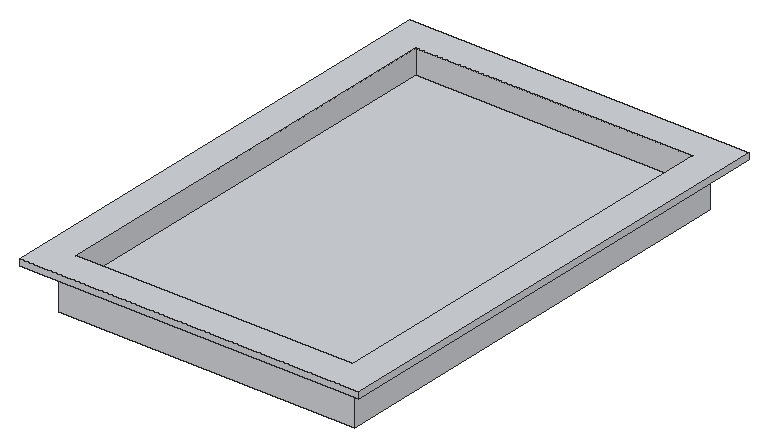
Revit family "edbbb4ba3221447faa78dce64a7daee1", category Air Terminals, host Face, Revit 2021
Family settings
  Host = Face
  Round Connector Dimension = Use Diameter
  Part Type = Normal
  OmniClass Number = 23.75.70.21.27.11
  OmniClass Title = Diffusers, Registers, and Grilles
  Seek Item ID = Return Grille - Rectangular - Hosted-0000-USA-ENU
  Cut with Voids When Loaded = No
  Shared = No
  Room Calculation Point = No
Parameters (values of type "Standard")
  Duct Width [instance] = 12"
  Pressure Drop [instance] = 0.0924 in-wg
  Flow [instance] = 800 CFM
  Grille Width [instance] = Duct Width + 0' 1 3/4"  # 1' - 1 3/4"
  Grille Height [instance] = Duct Height + 0' 1 3/4"  # 1' - 7 3/4"
  NC = "20"
  Duct Height [instance] = 18"
  Half Grille Height [instance] = Grille Height / 2  # 0' - 9 7/8"
  Default Elevation = 4' - 0"
Reference planes (in)
  plane 1 "Center (Front/Back)": y = 0
  plane 2: z = 0
  plane 3 "Center (Left/Right)": x = 0
  plane 4: y = 9.875
  plane 5: y = -9.875
  plane 6: x = -6.875
  plane 7: x = 6.875
  plane 8: y = 9
  plane 9: y = -9
  plane 10: x = -6
  plane 11: x = 6
  plane 12: y = 8.625
  plane 13: y = -8.625
  plane 14: x = 5.625
  plane 15: x = -5.625
  plane 16: z = 0.25
  plane 17: z = -0.75
  plane 18: z = -1.75
Forms (in)
  Extrusion 1, solid
    sketch origin (0, 0, 0) x (1, 0, 0) y (0, 1, 0)
      loop
        line (-6.875, 9.875) -> (-6.875, -9.875) -> (6.875, -9.875) -> (6.875, 9.875) -> (-6.875, 9.875)
    from 0 to 0.25
  Extrusion 2, solid
    sketch origin (0, 0, 0) x (1, 0, 0) y (0, 1, 0)
      loop
        line (-6, 9) -> (-6, -9) -> (6, -9) -> (6, 9) -> (-6, 9)
    from 0 to -1.75
  Extrusion 3, void
    sketch origin (0, 0, 0) x (1, 0, 0) y (0, 1, 0)
      loop
        line (-5.625, 8.625) -> (-5.625, -8.625) -> (5.625, -8.625) -> (5.625, 8.625) -> (-5.625, 8.625)
    from 0.25 to -0.75
Cuts and joins
  Extrusion 3 cuts Extrusion 1
  Extrusion 3 cuts Extrusion 2
  joined: Extrusion 1, Extrusion 2
Lines and regions (in)
  symbolic lines
    curve 1: line (-6.875, 9.875, 0) -> (6.875, -9.875, 0)
Dimensions and locks (in)
  "Grille Height": plane 5 to plane 4
  equal spacing: plane 6, plane 3 "Center (Left/Right)", plane 7
  "Grille Width": plane 6 to plane 7
  equal spacing: plane 9, plane 1 "Center (Front/Back)", plane 8
  "Duct Height": plane 9 to plane 8
  equal spacing: plane 10, plane 3 "Center (Left/Right)", plane 11
  "Duct Width": plane 10 to plane 11
  locked: plane 12 to plane 4 at 1.25
  locked: plane 13 to plane 5 at 1.25
  locked: plane 14 to plane 7 at 1.25
  locked: plane 6 to plane 15 at 1.25
  locked: plane 16 to plane 2 at 0.25
  locked: plane 17 to plane 2 at 0.75
  locked: plane 18 to plane 17 at 1
  "Half Grille Height": plane 1 "Center (Front/Back)" to plane 4
  "Half Grille Height": plane 5 to plane 1 "Center (Front/Back)"
  aligned and locked: plane 2 to host face
  aligned and locked: level to host face
  aligned and locked: plane 6 to Extrusion 1 sketch curve
  aligned and locked: plane 4 to Extrusion 1 sketch curve
  aligned and locked: plane 5 to Extrusion 1 sketch curve
  aligned and locked: plane 7 to Extrusion 1 sketch curve
  aligned and locked: plane 10 to Extrusion 2 sketch curve
  aligned and locked: plane 8 to Extrusion 2 sketch curve
  aligned and locked: plane 9 to Extrusion 2 sketch curve
  aligned and locked: plane 11 to Extrusion 2 sketch curve
  aligned and locked: plane 15 to Extrusion 3 sketch curve
  aligned and locked: plane 12 to Extrusion 3 sketch curve
  aligned and locked: plane 13 to Extrusion 3 sketch curve
  aligned and locked: plane 14 to Extrusion 3 sketch curve
  aligned and locked: Extrusion 1 to plane 2
  aligned and locked: plane 16 to Extrusion 1
  aligned and locked: Extrusion 3 to plane 17
  aligned and locked: Extrusion 2 to plane 18
  aligned and locked: plane 16 to Extrusion 3
  aligned and locked: plane 5 to curve 1
  aligned and locked: plane 7 to curve 1
  aligned and locked: plane 4 to curve 1
  aligned and locked: plane 6 to curve 1
Automatic sketch dimensions
  host sketch curve to host sketch curve = 8' - 0"  (x2)
Connectors (in)
  hvac at (0, 0, -1.75), driven by "Pressure Drop", driven by "Flow", driven by "Duct Height", driven by "Duct Width"
    settings: on Extrusion 2, index 1, duct flow 800 CFM, flow factor 0, pres drop 0.0924 in-wg, loss coef 0, conn angle 0.00°, conn width 12", conn height 18", conn diameter 24", duct sys type 2, conn prof type 1, flow config 1, flow direction 2, loss method 4, conn ref index -1, conn util no, is conn primary yes, conn desc ""
